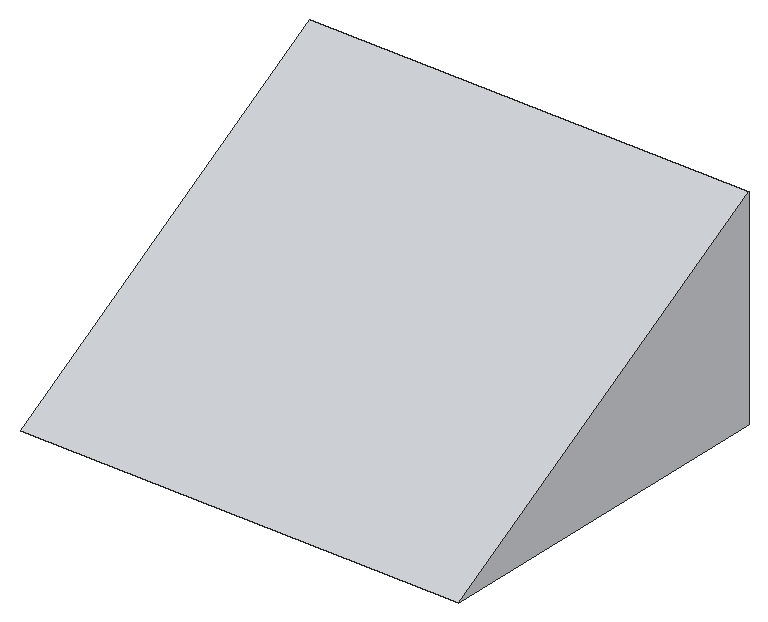
Revit family "IDP_Furniture_SMS010-MODULAR STORAGE SLOPING TOP", category Furniture, Revit 2026
Family settings
  Work Plane-Based = No
  Enable Cutting in Views = Yes
  Always vertical = Yes
  Cut with Voids When Loaded = No
  Render Appearance Source = Family Geometry
  Shared = Yes
  Room Calculation Point = No
Parameters (values of type "SMS010")
  length [instance] = 500 mm
  Uniclass2015_Pr = "Pr_80_77_28 : Equipment enclosures, cabinets, boxes and housings"
  Slope = 30.00°
  Keynote = ""
  Height = 0 mm
  Description = "MODULAR STORAGE SLOPING TOP"
  Default Elevation = 0 mm
  ADBWidth [instance] = 455 mm
  ADBUserData1 = "R1"
  ADBMountingHeight [instance] = 0 mm
  ADBHeight = 0 mm
  ADBGroup = "1"
  ADBFixingParameter [instance] = 0 mm
  ADBDescription = "STORAGE, modular sloping top 400 facing, high level storage"
  ADBDepth [instance] = 375 mm
  ADBCode = "SMS010"
  ADBAC = yes
Reference planes
  plane 1 "Center (Front/Back)": y = 0
  plane 2: z = 0
  plane 3 "Center (Left/Right)": x = 0
  plane 4: y = -375
  plane 5: x = 455
Forms (mm)
  Extrusion 1, solid
    sketch origin (0, 0, 0) x (0, 1, 0) y (0, 0, 1)
      loop
        line (0, 216.506) -> (-375, 0) -> (0, 0) -> (0, 216.506)
    from 0 to 455
Lines and regions (mm)
  reference lines
    curve 1: line (0, -375, 0) -> (0, 23.372, 230)
Dimensions and locks
  locked: curve 1 to plane 4
  locked: curve 1 to plane 2
  "ADBWidth": plane 5 to plane 3 "Center (Left/Right)"
  "ADBDepth": plane 1 "Center (Front/Back)" to plane 4
  "ADBWidth": plane 3 "Center (Left/Right)" to plane 5
  "Slope": angle curve 1 to level
  aligned and locked: level to plane 2
  aligned and locked: plane 1 "Center (Front/Back)" to Extrusion 1 sketch curve
  aligned and locked: plane 2 to Extrusion 1 sketch curve
  aligned and locked: Extrusion 1 sketch curve to curve 1
  aligned and locked: plane 5 to Extrusion 1
